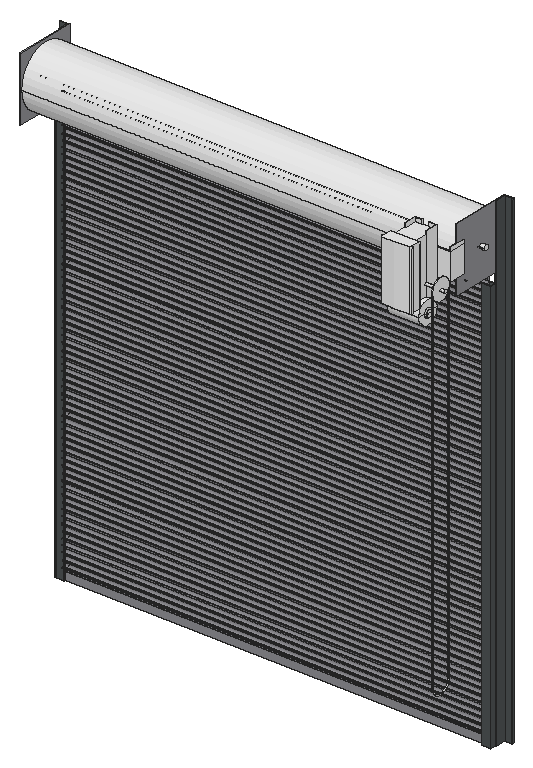
Revit family "Fire-Rated-Service-Doors_OHD_Model-630_compact", category Specialty Equipment, host Wall, Revit 2023 (continued)
Definition of nested family "Lifts"
  Dimensions and locks (in)
    plane 13 to plane 11 = 9 1/16"
    plane 7 to plane 13 = 9 1/16"
    "Shaft Offset": plane 22 to plane 8
    "Half Octagon Side": Extrusion 11 sketch curve to plane 13
    "Half Octagon Side": plane 13 to Extrusion 11 sketch curve
    "Half Octagon Side": plane 22 to Extrusion 11 sketch curve  (x2)
    equal spacing: plane 9 "Real Opening 2", plane 3 "Center (Left/Right)", plane 10 "Real Opening 1"
    "True Width": plane 9 "Real Opening 2" to plane 10 "Real Opening 1"
    locked: plane 23 to plane 7 at 1.5
    radius of Extrusion 6 sketch curve = 3/16"  (x4)
    radius of Extrusion 7 sketch curve = 0.188"  (x4)
    locked: Extrusion 8 sketch curve to Extrusion 8 sketch curve (radius 0.187")  (x4)
    "Radius Hood": radius of Extrusion 10 sketch curve
    aligned and locked: plane 2 to level
    aligned and locked: plane 5 to Extrusion 3
    aligned and locked: Extrusion 3 to plane 6
    aligned and locked: Extrusion 4 sketch curve to plane 7
    aligned and locked: Extrusion 4 sketch curve to plane 8
    aligned and locked: Extrusion 5 sketch curve to plane 7
    aligned and locked: plane 13 to Extrusion 3 sketch curve
    aligned and locked: plane 5 to Masking region 1 sketch curve
    aligned and locked: plane 6 to Masking region 1 sketch curve
    aligned and locked: Masking region 1 sketch curve to Masking region 1 sketch curve  (x2)
    aligned and locked: plane 12 "Main" to Extrusion 6 sketch curve  (x2)
    aligned and locked: Extrusion 6 sketch curve to plane 15
    aligned and locked: plane 16 to Extrusion 6 sketch curve
    aligned and locked: Extrusion 7 sketch curve to plane 1 "Center (Front/Back)"  (x2)
    aligned and locked: Extrusion 8 sketch curve to Extrusion 8 sketch curve  (x4)
    aligned and locked: plane 19 to Extrusion 8 sketch curve
    aligned and locked: Extrusion 8 sketch curve to plane 19
    aligned and locked: plane 4 "Opening Height" to Extrusion 8
    aligned and locked: Extrusion 5 sketch curve to plane 12 "Main"
    aligned and locked: plane 12 "Main" to Extrusion 4 sketch curve
    aligned and locked: Extrusion 9 sketch curve to plane 11  (x2)
    aligned and locked: Extrusion 9 sketch curve to plane 7  (x2)
    aligned and locked: plane 17 to Extrusion 9 sketch curve
    aligned and locked: Extrusion 9 sketch curve to plane 18
    aligned and locked: Masking region 2 sketch curve to Extrusion 4
    aligned and locked: Masking region 2 to curve 2  (x2)
    aligned and locked: Masking region 2 to curve 1  (x2)
    aligned and locked: Masking region 3 sketch curve to Extrusion 7  (x10)
    aligned and locked: Extrusion 7 to Masking region 3 sketch curve
    aligned and locked: Masking region 4 sketch curve to Extrusion 6  (x10)
    aligned and locked: Extrusion 2 to Extrusion 1
    aligned and locked: Extrusion 1 to Extrusion 2
    aligned and locked: curve 1 to Extrusion 9
    aligned and locked: Extrusion 9 to curve 2
    aligned and locked: Masking region 2 to plane 17
    aligned and locked: Masking region 2 to plane 18
    aligned and locked: plane 18 to Masking region 1 sketch curve
    aligned and locked: Masking region 1 sketch curve to plane 17
    aligned and locked: plane 20 to Extrusion 9 sketch curve
    aligned and locked: plane 21 to Extrusion 9 sketch curve
    aligned and locked: plane 20 to Extrusion 4
    aligned and locked: plane 20 to Extrusion 5
    aligned and locked: Extrusion 4 to plane 21
    aligned and locked: Extrusion 5 to plane 21
    aligned and locked: plane 13 to Extrusion 10 sketch curve
    aligned and locked: Extrusion 11 sketch curve to plane 12 "Main"
    aligned and locked: Extrusion 11 sketch curve to plane 7
    aligned and locked: Extrusion 11 sketch curve to plane 11
    aligned and locked: Extrusion 11 sketch curve to plane 8
    aligned and locked: Extrusion 11 to plane 20
    aligned and locked: Extrusion 11 to plane 21
    aligned and locked: plane 20 to Extrusion 10
    aligned and locked: Extrusion 10 to plane 21
    aligned and locked: plane 8 to Extrusion 9
    aligned and locked: Extrusion 11 to curve 3
    aligned and locked: plane 20 to curve 3
    aligned and locked: plane 21 to curve 3
    aligned and locked: Extrusion 7 to plane 7
    aligned and locked: plane 7 to Extrusion 6
    aligned and locked: Extrusion 4 sketch curve to plane 11
    aligned and locked: Extrusion 5 sketch curve to plane 11
  Automatic sketch dimensions
    Extrusion 2 sketch curve to level = 0"
    Extrusion 1 sketch curve to Extrusion 1 sketch curve = 3/8"
    plane 17 to Masking region 2 sketch curve = 0"
    Masking region 2 sketch curve to plane 18 = 0"
    Masking region 2 sketch curve to plane 1 "Center (Front/Back)" = 0"
    radius of Extrusion 3 sketch curve = 0.6"
Definition of nested family "Motor"
  Parameters (values of type "Trolley Motor")
    Wall Mount RSX = if(Chain Hoist, 1 = 2, if(Motor Option = 3, 1 = 1, 1 = 2))  # no
    Top Mount RSX = if(Chain Hoist, 1 = 2, if(Motor Option = 2, 1 = 1, 1 = 2))  # no
    Shaft Material = none
    Real Exterior Wall Offset = if(Wall Mount RSX, Displacement, Exterior Wall Offset + if(and(BJ, Bench Mount RSX, Hood Width < 19 1/2"), 2.6", 0"))  # 6"
    Not Chain Hoist = not(Chain Hoist)  # yes
    Not Bench + Top = not(or(Top Mount RSX, Chain Hoist, Bench Mount RSX))  # yes
    Horizontal Mount = if(Face Mount RSX, 5.08" + 0.12" + 2.38", if(Top Mount RSX, 11.19", if(Wall Mount RSX, 5.08", if(Bench Mount RSX, 4.77" + if(or(Hood Width < 14", Hood Width = 14"), 6.13", if(or(Hood Width < 16", Hood Width = 16"), 4.13", 3 1/4")), 0"))))  # 7.58"
    Not Fire King = if(Chain Hoist, 1 = 2, not(Chain Hoist))  # yes
    Vertical Mount = if(Face Mount RSX, 11.07" + Hood Height / 2, if(Top Mount RSX, 14.92" - 0.13" - 2.38", if(Wall Mount RSX, 20.03" + 6" + Hood Height / 2, if(Bench Mount RSX, 20" + 2.29" + Hood Height / 2, Hood Height))))  # 20.3825"
    Motor Type = if(Motor Option < 2, "RSX FDO Face Mount", if(Motor Option = 2, "RSX FDO Top Mount", if(Motor Option = 3, "RSX Wall Mount", if(Motor Option = 4, "RSX Bench Mount", "Chain Hoist"))))  # "RSX FDO Face Mount"
    Motor Option = 1
    Main Material = none
    Hood Width Real = if(Wall Mount RSX, 0", if(Chain Hoist, if(Hood Height < Hood Width, (Hood Width + (Hood Width - Hood Height)) / 2, Hood Width / 2), Hood Width))  # 17 1/2"
    Hood Width = 17 1/2"
    Hood Height = 18 5/8"
    Hood Mount = if(or(Face Mount RSX, Top Mount RSX), 0.37", if(Wall Mount RSX, if(BJ, 12.24" + BJ Displacement, 14.74"), if(Bench Mount RSX, 14.49", 4.26")))  # 0.37"
    Floor To Cl Shaft = 132 5/16"
    Fire King RHX = 1 = 2  # no
    Top Option Offset = if(or(Top Mount RSX, Bench Mount RSX), 20", 0")  # 0"
    Face+Top = if(Chain Hoist, 1 = 2, if(or(Face Mount RSX, Top Mount RSX), 1 = 1, 1 = 2))  # yes
    Face Mount RSX = if(Chain Hoist, 1 = 2, if(Motor Option < 2, 1 = 1, 1 = 2))  # yes
    Top + Bench = if(Chain Hoist, 1 = 2, if(or(Top Mount RSX, Bench Mount RSX), 1 = 1, 1 = 2))  # no
    Face + Top + Bench = if(Chain Hoist, 1 = 2, if(or(Face Mount RSX, Top Mount RSX, Bench Mount RSX), 1 = 1, 1 = 2))  # yes
    Exterior Wall Offset = 6"
    Displacement = 6"
    Default Elevation = 48"
    Chain V Offset = if(or(Face Mount RSX, Wall Mount RSX), 6.53", if(or(Top Mount RSX, Bench Mount RSX), 18.81", Hood Height / 2))  # 6.53"
    Chain H Offset = if(or(Face Mount RSX, Wall Mount RSX), 1.19", if(or(Top Mount RSX, Bench Mount RSX), 6.53", 0"))  # 1.19"
    Chain Hoist = no
    Bench Mount RSX = if(Chain Hoist, 1 = 2, if(Motor Option > 3, 1 = 1, 1 = 2))  # no
    BJ Displacement = 0"
    BJ = no
    Angle = if(or(Bench Mount RSX, Top Mount RSX), 90.00°, 180.00°)  # 180.00°
  Reference planes (in)
    plane 1 "Center (Front/Back)": y = 0
    plane 2: z = 0
    plane 3 "Center (Left/Right)": x = 0
    plane 4: y = 0
    plane 5: y = 1.19
    plane 6: z = -125.7825
    plane 7: z = -95.7825
    plane 8: z = 6.53
    plane 9 "Chain Hoist": z = 6.53
    plane 10 "Top Of Hood": z = 20.3825
    plane 11: y = 7.58
    plane 12: z = 0
    plane 13 "Hood Face": x = 6.8795
    plane 14: x = 7.2495
    plane 15: y = 25.08
    plane 16 "Wall": y = 31.08
  Forms (in)
    Extrusion 1, solid, material <- "Main Material", visible <- "Not Chain Hoist"
      sketch origin (0, 0, 18.8898) x (1, 0, 0) y (0, 1, 0)
        loop
          line (-4.134, -2.41307) -> (4.116, -2.41307) -> (4.116, -2.29347) -> (3.108, -2.29347)
          arc (3.108, -2.29347) -> (3.02315, -2.25832) -> (2.988, -2.17347) r 0.12
          line (2.988, -2.17347) -> (2.988, 4.96193) -> (-2.988, 4.96193) -> (-2.988, -2.17347)
          arc (-2.988, -2.17347) -> (-3.02315, -2.25832) -> (-3.108, -2.29347) r 0.12
          line (-3.108, -2.29347) -> (-4.134, -2.29347) -> (-4.134, -2.41307)
      from -16.64 to 0
    Extrusion 2, solid, material <- "Main Material", visible <- "Not Chain Hoist"
      sketch origin (0, 0, 18.8898) x (1, 0, 0) y (0, 1, 0)
        loop
          line (-4.134, -2.41307) -> (-4.134, -5.05565) -> (-4.3324, -5.05565) -> (-4.3324, -5.3122)
          arc (-4.3324, -5.3122) -> (-4.24466, -5.55085) -> (-4.02324, -5.67585) r 0.36846
          arc (-4.02324, -5.67585) -> (0, -6.0017) -> (4.02324, -5.67585) r 25
          arc (4.02324, -5.67585) -> (4.24466, -5.55085) -> (4.3324, -5.3122) r 0.36846
          line (4.3324, -5.3122) -> (4.3324, -5.05565) -> (4.116, -5.05565) -> (4.116, -2.41307) -> (-4.134, -2.41307)
      from -17 to 0.35839
    Revolve 3, solid, material <- "Main Material", visible <- "Not Fire King"
      sketch origin (2.0828, 5.66524, 0) x (0, -1, 0) y (1, 0, 0)
        loop
          line (5.66524, -9.0813) -> (5.66524, 3.1162) -> (4.82413, 3.1162) -> (4.82413, 2.7162) -> (4.39283, 2.7162) -> (4.39283, 2.4872) -> (2.44007, 2.4872) -> (2.44007, -6.6585) -> (3.79863, -6.6585) -> (3.79863, -7.51105) -> (3.89778, -7.6102) -> (5.36033, -7.6102) -> (5.36033, -7.8313) -> (4.69783, -7.8313) -> (4.69783, -9.0813) -> (5.66524, -9.0813)
        axis (5.66524, -9.0813) -> (5.66524, 3.1162)
      angle from 0 to 360
    Extrusion 4, solid, material <- "Main Material", visible <- "Wall Mount RSX"
      sketch origin (0, 0, 18.8898) x (1, 0, 0) y (0, 1, 0)
        loop
          line (-2.988, 5.08193) -> (-4.988, 5.08193) -> (-4.988, 4.96193) -> (-3.108, 4.96193) -> (-3.108, 1.46193) -> (-2.988, 1.46193) -> (-2.988, 5.08193)
        loop
          line (2.988, 5.08193) -> (2.988, 1.46193) -> (3.108, 1.46193) -> (3.108, 4.96193) -> (4.988, 4.96193) -> (4.988, 5.08193) -> (2.988, 5.08193)
      from -16.64 to 1.14
    Extrusion 5, solid, material <- "Main Material"
      sketch origin (0, 0.00141, 3.59957) x (0, 0, 1) y (0, -1, 0)
        loop
          circle (2.93043, -1.18859) r 3
      from 7.52 to 7.2495
    Sweep 6, solid, material <- "Main Material"
      path origin (7.38475, 9.53, 48) x (0, 1, 0) y (0, 0, 1)
        loop
          line (-11.34, -41.47) -> (-11.34, -143.7825)
          arc (-11.34, -143.7825) -> (-8.34, -146.7825) -> (-5.34, -143.7825) r 3
          line (-5.34, -143.7825) -> (-5.34, -41.47)
      profile origin (7.38475, -1.81, -44.62625) x (1, 0, 0) y (0, 1, 0)
        loop
          circle (0, 0.1) r 0.1
    Extrusion 7, solid, material <- "Main Material"
      sketch origin (0, 0.00141, 3.59957) x (0, 0, 1) y (0, -1, 0)
        loop
          circle (2.93043, -1.18859) r 0.4
      from 8.82 to 0
    Extrusion 8, solid, material <- "Main Material", visible <- "Face+Top"
      sketch origin (0, 0, 18.8898) x (1, 0, 0) y (0, 1, 0)
        loop
          line (7.2495, 5.08193) -> (7.2495, 9.82193) -> (7.1295, 9.82193) -> (7.1295, 5.20193) -> (-2.988, 5.20193) -> (-2.988, 5.08193) -> (7.2495, 5.08193)
      from -12.32 to -4.32
    Extrusion 9, solid, material <- "Main Material", visible <- "Face + Top + Bench"
      sketch origin (0.25, 0, 18.8898) x (1, 0, 0) y (0, 1, 0)
        loop
          line (-3.358, 5.08193) -> (-3.358, 1.46193) -> (-3.238, 1.46193) -> (-3.238, 4.96193) -> (-1.238, 4.96193) -> (-1.238, 5.08193) -> (-3.358, 5.08193)
        loop
          line (2.858, 5.08193) -> (0.738, 5.08193) -> (0.738, 4.96193) -> (2.738, 4.96193) -> (2.738, 1.46193) -> (2.858, 1.46193) -> (2.858, 5.08193)
      from -16.64 to 1.14
    Extrusion 10, solid, material <- "Main Material", visible <- "Face+Top"
      sketch origin (0, 0, 0) x (0, 0, 1) y (0, -1, 0)
        loop
          line (15.5698, -5.33193) -> (6.5698, -5.33193) -> (6.5698, -9.82193) -> (15.5698, -9.82193) -> (15.5698, -5.33193)
      from 6.8795 to 7.1295
    Extrusion 11, solid, material <- "Main Material", visible <- "Bench Mount RSX"
      sketch origin (0, 0, 18.8898) x (1, 0, 0) y (0, 1, 0)
        loop
          line (-6.9985, 5.08193) -> (3.108, 5.08193) -> (3.108, 5.20193) -> (-7.1205, 5.20193) -> (-7.1205, 1.33693) -> (-6.9985, 1.33693) -> (-6.9985, 5.08193)
      from -10.78 to -1.46
    Extrusion 12, solid, material <- "Main Material", visible <- "Bench Mount RSX"
      sketch origin (0, 0, 0) x (0, 0, 1) y (0, -1, 0)
        loop
          line (8.2698, -1.46193) -> (8.2698, -4.96193) -> (17.2698, -4.96193) -> (17.2698, -1.46193) -> (8.2698, -1.46193)
      from -7.24 to -7.1205
  Lines and regions (in)
    reference lines
      curve 1: line (0, 0, 0) -> (0, 0, 18.8898)
  Dimensions and locks (in)
    Extrusion 4 sketch curve to Extrusion 4 sketch curve = 3.62"
    locked: Extrusion 4 sketch curve to Extrusion 4 sketch curve at 0.12  (x3)
    "Chain H Offset": plane 4 to plane 5
    locked: plane 7 to plane 6 at 30
    locked: Sweep 6 sketch curve to profile plane at 0
    locked: profile plane to Sweep 6 sketch curve at 0.1
    locked: Sweep 6 sketch curve to Sweep 6 sketch curve at 6
    "Floor To Cl Shaft": plane 8 to plane 6
    "Horizontal Mount": plane 1 "Center (Front/Back)" to plane 11
    Extrusion 9 sketch curve to Extrusion 9 sketch curve = 3.62"
    locked: Extrusion 9 sketch curve to Extrusion 9 sketch curve at 0.12  (x3)
    "Top Option Offset": level to plane 12
    "Chain V Offset": plane 9 "Chain Hoist" to plane 12
    equal spacing: Sweep 6 sketch curve, plane 5, Sweep 6 sketch curve
    "Vertical Mount": plane 10 "Top Of Hood" to plane 12
    locked: Extrusion 2 sketch curve to Extrusion 2 sketch curve at 8.25
    locked: Extrusion 2 sketch curve to Extrusion 2 sketch curve at 2.64258
    locked: plane 3 "Center (Left/Right)" to plane 14 at 7.2495
    "Hood Mount": plane 13 "Hood Face" to plane 14
    locked: Extrusion 8 sketch curve to Extrusion 8 sketch curve at 0.12  (x2)
    locked: Extrusion 8 sketch curve to curve 1 at 5.08193
    "Hood Width Real": plane 11 to plane 15
    "Real Exterior Wall Offset": plane 15 to plane 16 "Wall"
    locked: Extrusion 8 sketch curve to Extrusion 8 sketch curve at 4.62
    Revolve 3 sketch curve to Revolve 3 sketch curve to Revolve 3 sketch curve to Revolve 3 sketch curve to Revolve 3 sketch curve to Revolve 3 sketch curve to Revolve 3 sketch curve = 1 1/4" locked, 0.2211" locked, 0.9517" locked, 9.1457" locked, 0.229" locked, 0.4" locked
    Revolve 3 sketch curve to Revolve 3 sketch curve to Revolve 3 sketch curve to Revolve 3 sketch curve to Revolve 3 sketch curve to Revolve 3 sketch curve to Revolve 3 sketch curve to Revolve 3 sketch curve = 0.30491" locked, 0.53619" locked, 0.12631" locked, 0.305" locked, 0.49505" locked, 0.09915" locked, 1.35856" locked
    locked: Extrusion 1 sketch curve to Extrusion 1 sketch curve at 0.1196
    locked: Extrusion 1 sketch curve to Extrusion 1 sketch curve at 5.976
    equal spacing: Extrusion 1 sketch curve, curve 1, Extrusion 1 sketch curve
    locked: curve 1 to Extrusion 1 sketch curve at 2.41307
    locked: Extrusion 1 sketch curve to Extrusion 1 sketch curve at 7.375
    locked: Extrusion 9 sketch curve to curve 1 at 1.46193
    equal spacing: Extrusion 4 sketch curve, curve 1, Extrusion 4 sketch curve
    locked: Extrusion 4 sketch curve to curve 1 at 1.46193
    locked: Extrusion 10 sketch curve to Extrusion 10 sketch curve at 4.49
    locked: Extrusion 10 sketch curve to Extrusion 10 sketch curve at 9
    locked: Extrusion 10 sketch curve to curve 1 at 9.82193
    locked: Extrusion 10 sketch curve to curve 1 at 6.5698
    locked: Revolve 3 sketch curve to plane 3 "Center (Left/Right)" at 4.5757
    locked: Extrusion 4 sketch curve to Extrusion 4 sketch curve at 5.976
    locked: Extrusion 9 sketch curve to plane 3 "Center (Left/Right)" at 2.988
    locked: plane 3 "Center (Left/Right)" to Extrusion 9 sketch curve at 3.108
    locked: Extrusion 4 sketch curve to Extrusion 4 sketch curve at 2
    locked: Extrusion 4 sketch curve to Extrusion 4 sketch curve at 1.88
    locked: Extrusion 8 sketch curve to Extrusion 8 sketch curve at 10.2375
    locked: curve 1 to Extrusion 8 sketch curve at 7.2495
    locked: Extrusion 1 sketch curve to Extrusion 1 sketch curve at 1.128
    locked: Extrusion 1 sketch curve to Extrusion 1 sketch curve at 1.146
    locked: curve 1 to Extrusion 2 sketch curve at 2.41307
    locked: Extrusion 11 sketch curve to Extrusion 11 sketch curve at 0.122
    locked: Extrusion 11 sketch curve to Extrusion 11 sketch curve at 0.12
    locked: Extrusion 11 sketch curve to curve 1 at 6.9985
    locked: Extrusion 11 sketch curve to curve 1 at 5.08193
    locked: Extrusion 11 sketch curve to Extrusion 11 sketch curve at 10.1065
    locked: Extrusion 11 sketch curve to Extrusion 11 sketch curve at 3.865
    locked: Extrusion 12 sketch curve to Extrusion 12 sketch curve at 3.5
    locked: curve 1 to Extrusion 12 sketch curve at 1.46193
    locked: Extrusion 12 sketch curve to Extrusion 12 sketch curve at 9
    locked: Extrusion 12 sketch curve to curve 1 at 10.62
    radius of Extrusion 5 sketch curve = 3"
    radius of Sweep 6 sketch curve = 3"
    radius of Sweep 6 sketch curve = 0.1"
    radius of Extrusion 7 sketch curve = 0.4"
    radius of Extrusion 2 sketch curve = 0.36846"  (x2)
    radius of Extrusion 1 sketch curve = 0.12"  (x2)
    radius of Extrusion 2 sketch curve = 25"
    "Angle": angle curve 1 to plane 1 "Center (Front/Back)"
    angle Extrusion 2 sketch curve to Extrusion 2 sketch curve = 90.00°
    locked: Extrusion 2 sketch curve to Extrusion 2 sketch curve (angle 90.00°)
    aligned and locked: plane 2 to level
    aligned and locked: Revolve 3 sketch curve to Revolve 3 sketch curve
    aligned and locked: plane 1 "Center (Front/Back)" to curve 1
    aligned and locked: level to curve 1
    aligned and locked: plane 1 "Center (Front/Back)" to plane 4
    aligned and locked: Extrusion 4 sketch curve to Extrusion 4 sketch curve  (x3)
    aligned and locked: plane 7 to Sweep 6 sketch curve  (x2)
    aligned and locked: plane 8 to Sweep 6 sketch curve  (x2)
    aligned and locked: plane 5 to Extrusion 5 sketch curve
    aligned and locked: plane 9 "Chain Hoist" to Extrusion 5 sketch curve
    aligned and locked: plane 5 to Extrusion 7 sketch curve
    aligned and locked: plane 9 "Chain Hoist" to Extrusion 7 sketch curve
    aligned and locked: plane 8 to plane 9 "Chain Hoist"
    aligned and locked: Extrusion 9 sketch curve to Extrusion 9 sketch curve  (x3)
    aligned and locked: Extrusion 2 sketch curve to Extrusion 2 sketch curve
    aligned and locked: Extrusion 1 sketch curve to Extrusion 1 sketch curve
    aligned and locked: plane 4 to nested 1
    aligned and locked: plane 3 "Center (Left/Right)" to nested 1
  Automatic sketch dimensions
    plane 1 "Center (Front/Back)" to Revolve 3 sketch curve = 0"
    Revolve 3 sketch curve to Revolve 3 sketch curve = 0.09915"
    Revolve 3 sketch curve to Revolve 3 sketch curve = 4.7892"
    Revolve 3 sketch curve to plane 14 = 1.9628"
    Extrusion 9 sketch curve to plane 3 "Center (Left/Right)" = 0.988"
    plane 3 "Center (Left/Right)" to Extrusion 9 sketch curve = 0.988"
    Extrusion 2 sketch curve to plane 3 "Center (Left/Right)" = 0"
    Extrusion 2 sketch curve to Extrusion 2 sketch curve = 0.1984"
    Extrusion 2 sketch curve to Extrusion 2 sketch curve = 0.15206"
    Extrusion 2 sketch curve to Extrusion 2 sketch curve = 0.25654"
    Extrusion 2 sketch curve to Extrusion 2 sketch curve = 0"  (x2)
    Extrusion 2 sketch curve to Extrusion 2 sketch curve = 0.0593"
  Nested families (in)
    nested 1: "2D_NotScalableMain_29e791da-3db9-4234-ab15-44456784202b" at (0, 0, 0), type "Default"
      with Not Top + Bench yes, Face Mount yes, Chain Hoist no
  Definition of nested family "2D_NotScalableMain_29e791da-3db9-4234-ab15-44456784202b"
    Parameters (values of type "Default")
      Wall Mount = no
      Top Mount = no
      Not Top + Bench = no
      Fire King Face Mount = no
      Face Mount = no
      Top + Bench = no
      Chain Hoist = yes
      Bench Mount = no
    Reference planes (in)
      plane 1 "Center (Front/Back)": y = 0
      plane 2: z = 0
      plane 3 "Center (Left/Right)": x = 0
    Lines and regions (in)
      Masking region 1, in view "Ref. Level", visible <- "Not Top + Bench"
        outline origin (0, 0, 0) x (1, 0, 0) y (0, 1, 0)
          loop
            line (-6.9985, -0.96741) -> (-5.7485, -0.96741) -> (-5.7485, -0.30491) -> (-5.5274, -0.30491) -> (-5.5274, -1.76746) -> (-5.42825, -1.86661) -> (-4.5757, -1.86661) -> (-4.5757, -3.22517) -> (-4.134, -3.22517) -> (-4.134, -5.05565) -> (-4.3324, -5.05565) -> (-4.3324, -5.3122)
            arc (-4.3324, -5.3122) -> (-4.24466, -5.55085) -> (-4.02324, -5.67585) r 0.36846
            arc (-4.02324, -5.67585) -> (0, -6.0017) -> (4.02324, -5.67585) r 25
            arc (4.02324, -5.67585) -> (4.24466, -5.55085) -> (4.3324, -5.3122) r 0.36846
            line (4.3324, -5.3122) -> (4.3324, -5.05565) -> (4.116, -5.05565) -> (4.116, -3.22517) -> (4.57, -3.22517) -> (4.57, -1.27241) -> (4.799, -1.27241) -> (4.799, -0.84111) -> (5.199, -0.84111) -> (5.199, 0.79) -> (7.2495, 0.79) -> (7.2495, -1.81) -> (7.52, -1.81) -> (7.52, 0.79) -> (8.82, 0.79) -> (8.82, 1.59) -> (7.52, 1.59) -> (7.52, 4.19) -> (7.2495, 4.19) -> (7.2495, 1.59) -> (4.57, 1.59) -> (4.57, 3.22517) -> (2.988, 3.22517) -> (2.988, 4.96193) -> (-2.988, 4.96193) -> (-2.988, 3.22517) -> (-4.5757, 3.22517) -> (-4.5757, 1.86661) -> (-5.42825, 1.86661) -> (-5.5274, 1.76746) -> (-5.5274, 0.30491) -> (-5.7485, 0.30491) -> (-5.7485, 0.96741) -> (-6.9985, 0.96741) -> (-6.9985, -0.96741)
      Masking region 2, in view "Ref. Level", visible <- "Fire King Face Mount"
        outline origin (0, 0, 0) x (1, 0, 0) y (0, 1, 0)
          loop
            circle (0, 1.59) r 2.87397
          loop
            line (-2.988, 7.80693) -> (-2.988, 4.96193) -> (2.988, 4.96193) -> (2.988, 7.80693) -> (0.82, 7.80693) -> (0.82, 16.89193) -> (0.57, 16.89193) -> (0.57, 7.80693) -> (-2.988, 7.80693)
      Masking region 3, in view "Ref. Level", visible <- "Face Mount"
        outline origin (0, 0, 0) x (1, 0, 0) y (0, 1, 0)
          loop
            line (-3.108, 1.46193) -> (-2.988, 1.46193) -> (-2.988, 4.96193) -> (2.988, 4.96193) -> (2.988, 1.46193) -> (3.108, 1.46193) -> (3.108, 5.08193) -> (7.2495, 5.08193) -> (7.2495, 9.82193) -> (6.8795, 9.82193) -> (6.8795, 5.33193) -> (7.1295, 5.33193) -> (7.1295, 5.20193) -> (-2.988, 5.20193) -> (-2.988, 5.08193) -> (-3.108, 5.08193) -> (-3.108, 1.46193)
      Masking region 4, in view "Ref. Level", visible <- "Top + Bench"
        outline origin (0, 0, 0) x (1, 0, 0) y (0, 1, 0)
          loop
            line (-6.9985, -0.96741) -> (-5.7485, -0.96741) -> (-5.7485, -0.30491) -> (-5.5274, -0.30491) -> (-5.5274, -1.76746) -> (-5.42825, -1.86661) -> (-4.5757, -1.86661) -> (-4.5757, -3.22517) -> (4.57, -3.22517) -> (4.57, -1.27241) -> (4.799, -1.27241) -> (4.799, -0.84111) -> (5.199, -0.84111) -> (5.199, 0.84111) -> (4.799, 0.84111) -> (4.799, 1.27241) -> (4.57, 1.27241) -> (4.57, 3.22034) -> (4.3324, 3.22034) -> (4.3324, 6.13) -> (7.2495, 6.13) -> (7.2495, 3.53) -> (7.52, 3.53) -> (7.52, 6.13) -> (8.82, 6.13) -> (8.82, 6.93) -> (7.52, 6.93) -> (7.52, 9.53) -> (7.2495, 9.53) -> (7.2495, 6.93) -> (4.3324, 6.93) -> (4.3324, 19.24819) -> (3.108, 19.24819) -> (3.108, 20.0298) -> (0.988, 20.0298) -> (0.988, 19.24819) -> (-0.988, 19.24819) -> (-0.988, 20.0298) -> (-3.108, 20.0298) -> (-3.108, 19.24819) -> (-4.3324, 19.24819) -> (-4.3324, 3.22517) -> (-4.5757, 3.22517) -> (-4.5757, 1.86661) -> (-5.42825, 1.86661) -> (-5.5274, 1.76746) -> (-5.5274, 0.30491) -> (-5.7485, 0.30491) -> (-5.7485, 0.96741) -> (-6.9985, 0.96741) -> (-6.9985, -0.96741)
      Masking region 5, in view "Ref. Level", visible <- "Top Mount"
        outline origin (0, 0, 0) x (1, 0, 0) y (0, 1, 0)
          loop
            line (4.3324, 14.55771) -> (4.3324, 6.93) -> (7.2495, 6.93) -> (7.2495, 14.55771) -> (7.1295, 14.55771) -> (7.1295, 15.55771) -> (6.8795, 15.55771) -> (6.8795, 14.55771) -> (4.3324, 14.55771)
      Masking region 6, in view "Ref. Level", visible <- "Wall Mount"
        outline origin (0, 0, 0) x (1, 0, 0) y (0, 1, 0)
          loop
            line (-4.988, 4.96193) -> (-3.108, 4.96193) -> (-3.108, 1.46193) -> (-2.988, 1.46193) -> (-2.988, 5.08193) -> (-4.988, 5.08193) -> (-4.988, 4.96193)
          loop
            line (2.988, 1.46193) -> (3.108, 1.46193) -> (3.108, 4.96193) -> (4.988, 4.96193) -> (4.988, 5.08193) -> (2.988, 5.08193) -> (2.988, 1.46193)
      Masking region 7, in view "Ref. Level", visible <- "Bench Mount"
        outline origin (0, 0, 0) x (1, 0, 0) y (0, 1, 0)
          loop
            line (-7.24, 9.2698) -> (-7.1205, 9.2698) -> (-7.1205, 9.1098) -> (-4.3324, 9.1098) -> (-4.3324, 17.4298) -> (-7.1205, 17.4298) -> (-7.1205, 17.2698) -> (-7.24, 17.2698) -> (-7.24, 9.2698)
      Masking region 8, in view "Ref. Level", visible <- "Chain Hoist"
        outline origin (0, -6.98957, 0) x (1, 0, 0) y (0, 1, 0)
          loop
            line (4.7396, 6.58957) -> (7.2495, 6.58957) -> (7.2495, 3.98957) -> (7.52, 3.98957) -> (7.52, 6.58957) -> (8.82, 6.58957) -> (8.82, 7.38957) -> (7.52, 7.38957) -> (7.52, 9.98957) -> (7.2495, 9.98957) -> (7.2495, 7.38957) -> (4.7396, 7.38957) -> (4.7396, 6.58957)
      reference lines, in view "Ref. Level"
        curve 1: line (0, 0, 0) -> (0, 0.125, 0)
        curve 2: line (0, 0, 0) -> (0.125, 0, 0)
      detail lines, in view "Ref. Level", visible <- "Not Top + Bench"
        curve 3: line (7.2495, 4.19, 0) -> (7.2495, -1.81, 0)
        curve 4: line (7.52, 4.19, 0) -> (7.52, -1.81, 0)
        curve 5: line (-4.134, -2.29347, 0) -> (-4.134, -5.05565, 0)
        curve 6: line (4.116, -2.29347, 0) -> (4.116, -5.05565, 0)
        curve 7: line (-4.134, -2.41307, 0) -> (4.116, -2.41307, 0)
        curve 8: line (4.116, -2.29347, 0) -> (3.108, -2.29347, 0)
        curve 9: line (2.988, -2.17347, 0) -> (2.988, 4.96193, 0)
        curve 10: line (2.988, 4.96193, 0) -> (-2.988, 4.96193, 0)
        curve 11: line (-2.988, 4.96193, 0) -> (-2.988, -2.17347, 0)
        curve 12: arc (-2.988, -2.17347, 0) -> (-3.02315, -2.25832, 0) -> (-3.108, -2.29347, 0) r 0.12
        curve 13: arc (3.108, -2.29347, 0) -> (3.02315, -2.25832, 0) -> (2.988, -2.17347, 0) r 0.12
        curve 14: line (4.57, -3.22517, 0) -> (4.57, 0.77483, 0)
        curve 15: line (4.799, -1.27241, 0) -> (4.799, 0.77483, 0)
        curve 16: line (5.199, -0.84111, 0) -> (5.199, 0.77483, 0)
        curve 17: line (-4.5757, -3.22517, 0) -> (-4.5757, 3.22517, 0)
        curve 18: line (-5.42825, -1.86661, 0) -> (-5.42825, 1.86661, 0)
        curve 19: line (-5.5274, 1.76746, 0) -> (-5.5274, -1.76746, 0)
        curve 20: line (-5.7485, -0.96741, 0) -> (-5.7485, 0.96741, 0)
        curve 25: line (-4.116, -2.29347, 0) -> (-3.108, -2.29347, 0)
        curve 26: line (5.199, 0.77483, 0) -> (2.988, 0.77483, 0)
        curve 27: line (4.57, 1.59, 0) -> (3.108, 1.59, 0)
      detail lines, in view "Ref. Level", visible <- "Fire King Face Mount"
        curve 21: circle (0, 1.59, 0) r 1.29967 normal (0, 0, 1)
        curve 22: circle (0, 1.59, 0) r 0.87193 normal (0, 0, 1)
        curve 23: line (-2.988, 7.80693, 0) -> (2.988, 7.80693, 0)
        curve 24: line (-2.988, 7.685, 0) -> (2.988, 7.685, 0)
      detail lines, in view "Ref. Level", visible <- "Top + Bench"
        curve 28: line (-4.5757, -3.22517, 0) -> (-4.5757, 3.22517, 0)
        curve 29: line (-5.42825, 1.86661, 0) -> (-5.42825, -1.86661, 0)
        curve 30: line (-5.5274, 1.76746, 0) -> (-5.5274, -1.76746, 0)
        curve 31: line (-5.7485, -0.96741, 0) -> (-5.7485, 0.96741, 0)
        curve 32: line (-4.3324, 1.8898, 0) -> (-4.3324, 19.24819, 0)
        curve 33: line (-4.3324, 1.8898, 0) -> (4.3324, 1.8898, 0)
        curve 34: line (4.3324, 1.8898, 0) -> (4.3324, 19.24819, 0)
        curve 35: line (4.57, 3.22517, 0) -> (4.57, -3.22517, 0)
        curve 36: line (4.799, 1.27241, 0) -> (4.799, -1.22759, 0)
        curve 41: line (2.988, 20.0298, 0) -> (2.988, 19.24819, 0)
        curve 42: line (-2.988, 20.0298, 0) -> (-2.988, 19.24819, 0)
        curve 43: line (-3.108, 19.24819, 0) -> (-0.988, 19.24819, 0)
        curve 44: line (0.988, 19.24819, 0) -> (3.108, 19.24819, 0)
      detail lines, in view "Ref. Level", visible <- "Chain Hoist"
        curve 37: line (7.2495, 3, 0) -> (7.2495, -3, 0)
        curve 38: line (7.52, -3, 0) -> (7.52, 3, 0)
      detail lines, in view "Ref. Level", visible <- "Bench Mount"
        curve 39: line (-7.1205, 17.4298, 0) -> (-7.1205, 9.1098, 0)
        curve 40: line (-6.9985, 17.4298, 0) -> (-6.9985, 9.1098, 0)
    Dimensions and locks (in)
      curve 1 to curve 1 = 1/8"
      curve 2 to curve 2 = 1/8"
      aligned and locked: plane 1 "Center (Front/Back)" to curve 1
      aligned and locked: plane 3 "Center (Left/Right)" to curve 1
      aligned and locked: plane 1 "Center (Front/Back)" to curve 2
Definition of nested family "Label Annotation 1"
  Parameters (values of type "Label Annotation 1-8")
    Label = "Area is too big. Please reduce Door Size."
  Reference planes (in)
    plane 1: y = 0
    plane 2: x = 0
  Text (in)
    label "Label" at (0.00375, -0.00345, 0), shows "Label"
Definition of nested family "Warning Sign"
  Parameters (values of type "Warning Sign")
    Warning Sign [instance] = no
    Default Elevation = 48"
  Reference planes (in)
    plane 1 "Center (Front/Back)": y = 0
    plane 2: z = 0
    plane 3 "Center (Left/Right)": x = 0
    plane 4: y = 0.5
    plane 5: y = -0.5
    plane 6: y = 1
    plane 7: y = 0.25
  Lines and regions (in)
    model lines
      curve 1: line (-2.26129, 1, 45.69444) -> (-26.3817, 1, 3.91667)
      curve 2: line (-25.25106, 1, 3.26389) -> (-1.13064, 1, 45.04167)
      curve 3: arc (2.26129, 1, 45.69444) -> (0, 1, 47) -> (-2.26129, 1, 45.69444) r 2.61111
      curve 4: arc (-1.13064, 1, 45.04167) -> (0, 1, 45.69444) -> (1.13064, 1, 45.04167) r 1.30556
      curve 5: line (1.13064, 1, 45.04167) -> (25.25106, 1, 3.26389)
      curve 6: line (26.3817, 1, 3.91667) -> (2.26129, 1, 45.69444)
      curve 7: arc (25.25106, 1, 3.26389) -> (25.25106, 1, 1.95833) -> (24.12041, 1, 1.30556) r 1.30556
      curve 8: arc (24.12041, 1, 0) -> (26.3817, 1, 1.30556) -> (26.3817, 1, 3.91667) r 2.61111
      curve 9: line (24.12041, 1, 1.30556) -> (-24.12041, 1, 1.30556)
      curve 10: line (-24.12041, 1, 0) -> (24.12041, 1, 0)
      curve 11: arc (-24.12041, 1, 1.30556) -> (-25.25106, 1, 1.95833) -> (-25.25106, 1, 3.26389) r 1.30556
      curve 12: arc (-26.3817, 1, 3.91667) -> (-26.3817, 1, 1.30556) -> (-24.12041, 1, 0) r 2.61111
      curve 13: arc (-2.29479, 1, 8.63537) -> (0, 1, 6.34057) -> (2.29479, 1, 8.63537) r 2.29479
      curve 14: arc (2.29479, 1, 8.63537) -> (0, 1, 10.93016) -> (-2.29479, 1, 8.63537) r 2.29479
      curve 15: arc (-1.6331, 1, 13.97069) -> (0.03439, 1, 12.53727) -> (1.69278, 1, 13.98121) r 1.68043
      curve 16: line (-3.77413, 1, 28.37873) -> (-1.6331, 1, 13.97069)
      curve 17: line (1.69278, 1, 13.98121) -> (3.73924, 1, 28.37873)
      curve 18: arc (3.73924, 1, 28.37873) -> (-0.01745, 1, 32.13541) -> (-3.77413, 1, 28.37873) r 3.75668
      curve 19: line (-2.26129, -0.5, 45.69444) -> (-26.3817, -0.5, 3.91667)
      curve 20: line (-25.25106, -0.5, 3.26389) -> (-1.13064, -0.5, 45.04167)
      curve 21: arc (2.26129, -0.5, 45.69444) -> (0, -0.5, 47) -> (-2.26129, -0.5, 45.69444) r 2.61111
      curve 22: arc (-1.13064, -0.5, 45.04167) -> (0, -0.5, 45.69444) -> (1.13064, -0.5, 45.04167) r 1.30556
      curve 23: line (1.13064, -0.5, 45.04167) -> (25.25106, -0.5, 3.26389)
      curve 24: line (26.3817, -0.5, 3.91667) -> (2.26129, -0.5, 45.69444)
      curve 25: arc (25.25106, -0.5, 3.26389) -> (25.25106, -0.5, 1.95833) -> (24.12041, -0.5, 1.30556) r 1.30556
      curve 26: arc (24.12041, -0.5, 0) -> (26.3817, -0.5, 1.30556) -> (26.3817, -0.5, 3.91667) r 2.61111
      curve 27: line (24.12041, -0.5, 1.30556) -> (-24.12041, -0.5, 1.30556)
      curve 28: line (-24.12041, -0.5, 0) -> (24.12041, -0.5, 0)
      curve 29: arc (-24.12041, -0.5, 1.30556) -> (-25.25106, -0.5, 1.95833) -> (-25.25106, -0.5, 3.26389) r 1.30556
      curve 30: arc (-26.3817, -0.5, 3.91667) -> (-26.3817, -0.5, 1.30556) -> (-24.12041, -0.5, 0) r 2.61111
      curve 31: arc (-2.29479, -0.5, 8.63537) -> (0, -0.5, 6.34057) -> (2.29479, -0.5, 8.63537) r 2.29479
      curve 32: arc (2.29479, -0.5, 8.63537) -> (0, -0.5, 10.93016) -> (-2.29479, -0.5, 8.63537) r 2.29479
      curve 33: arc (-1.6331, -0.5, 13.97069) -> (0.03439, -0.5, 12.53727) -> (1.69278, -0.5, 13.98121) r 1.68043
      curve 34: line (-3.77413, -0.5, 28.37873) -> (-1.6331, -0.5, 13.97069)
      curve 35: line (1.69278, -0.5, 13.98121) -> (3.73924, -0.5, 28.37873)
      curve 36: arc (3.73924, -0.5, 28.37873) -> (-0.01745, -0.5, 32.13541) -> (-3.77413, -0.5, 28.37873) r 3.75668
  Dimensions and locks (in)
    locked: plane 1 "Center (Front/Back)" to plane 4 at 0.5
    equal spacing: plane 1 "Center (Front/Back)", plane 7, plane 4
    locked: plane 4 to plane 6 at 0.5
    locked: plane 5 to plane 1 "Center (Front/Back)" at 0.5
    aligned and locked: plane 2 to level
  Automatic sketch dimensions
    curve 21 to curve 22 = 0"  (x2)
    curve 25 to curve 26 = 0"  (x2)
    curve 29 to curve 30 = 0"  (x2)
    curve 31 to curve 32 = 0"  (x2)
    curve 21 to plane 3 "Center (Left/Right)" = 0"
    curve 31 to plane 3 "Center (Left/Right)" = 0"
    curve 30 to level = 0"
    level to curve 27 = 1.30556"
    curve 26 to curve 27 = 1.30556"
    curve 29 to curve 27 = 1.30556"
    curve 23 to curve 25 = 0.65278"
    curve 20 to curve 29 = 0.65278"
    curve 24 to curve 23 = 0.65278"
    curve 19 to curve 20 = 0.65278"
    level to curve 32 = 8.63537"
    curve 34 to plane 3 "Center (Left/Right)" = 1.6331"
    curve 34 to curve 31 = 5.33532"
    plane 3 "Center (Left/Right)" to curve 35 = 1.69278"
    curve 35 to curve 34 = 0.01052"
    plane 3 "Center (Left/Right)" to curve 33 = 0.02908"
    curve 36 to plane 3 "Center (Left/Right)" = 0.01745"
    curve 36 to curve 33 = 14.16104"
    curve 22 to curve 36 = 16.01016"
    plane 3 "Center (Left/Right)" to curve 23 = 1.13064"
    curve 23 to curve 21 = 0.65278"
    curve 20 to plane 3 "Center (Left/Right)" = 1.13064"
    plane 3 "Center (Left/Right)" to curve 24 = 2.26129"
    curve 24 to curve 22 = 0.65278"
    curve 19 to plane 3 "Center (Left/Right)" = 2.26129"
    curve 34 to curve 36 = 3.75668"
    curve 30 to plane 3 "Center (Left/Right)" = 24.12041"
    plane 3 "Center (Left/Right)" to curve 25 = 24.12041"
    curve 31 to curve 31 = 2.29479"
    curve 3 to curve 4 = 0"  (x2)
    curve 7 to curve 8 = 0"  (x2)
    curve 11 to curve 12 = 0"  (x2)
    curve 13 to curve 14 = 0"  (x2)
    curve 3 to plane 3 "Center (Left/Right)" = 0"
    curve 13 to plane 3 "Center (Left/Right)" = 0"
    curve 12 to level = 0"
    level to curve 9 = 1.30556"
    curve 8 to curve 9 = 1.30556"
    curve 11 to curve 9 = 1.30556"
    curve 5 to curve 7 = 0.65278"
    curve 2 to curve 11 = 0.65278"
    curve 6 to curve 5 = 0.65278"
    curve 1 to curve 2 = 0.65278"
    level to curve 14 = 8.63537"
    curve 16 to plane 3 "Center (Left/Right)" = 1.6331"
    curve 16 to curve 13 = 5.33532"
    plane 3 "Center (Left/Right)" to curve 17 = 1.69278"
    curve 17 to curve 16 = 0.01052"
    plane 3 "Center (Left/Right)" to curve 15 = 0.02908"
    curve 18 to plane 3 "Center (Left/Right)" = 0.01745"
    curve 18 to curve 15 = 14.16104"
    curve 4 to curve 18 = 16.01016"
    plane 3 "Center (Left/Right)" to curve 5 = 1.13064"
    curve 5 to curve 3 = 0.65278"
    curve 2 to plane 3 "Center (Left/Right)" = 1.13064"
    plane 3 "Center (Left/Right)" to curve 6 = 2.26129"
    curve 6 to curve 4 = 0.65278"
    curve 1 to plane 3 "Center (Left/Right)" = 2.26129"
    curve 16 to curve 18 = 3.75668"
    curve 12 to plane 3 "Center (Left/Right)" = 24.12041"
    plane 3 "Center (Left/Right)" to curve 7 = 24.12041"
    curve 13 to curve 13 = 2.29479"
Types (9): name | Voltage | Operator Visibility | Number of Poles | Hood Offset | Headroom Height | Frequency | Door Height True | Door Height (Real) | Floor To (CL) of Shaft | Chain Hoist or Manual | Current | Connector Array | Calculated Area | Apparent Load Phase 3 | Apparent Load Phase 2 | Apparent Load Phase 1
  115 volts, one phase, 60 Hz (110-120V range) | 115 V | yes | 1 | 3" | 21 5/8" | 60 Hz | 141 5/8" | 123" | 132 5/16" | no | 20 A | 3 | 102.927 SF | 0 VA | 0 VA | 2300 VA
  Chain Hoist | 0 V | yes | 1 | 1" | 19 5/8" | 0 Hz | 139 5/8" | 121" | 130 5/16" | yes | 0 A | 2 | 101.253 SF | 0 VA | 0 VA | 0 VA
  208 volts, one phase, 60 Hz (190-207V range) | 208 V | yes | 1 | 3" | 21 5/8" | 60 Hz | 141 5/8" | 123" | 132 5/16" | no | 20 A | 3 | 102.927 SF | 0 VA | 0 VA | 4160 VA
  208 volts, three phase, 60 Hz (190-207 V range) | 208 V | yes | 3 | 3" | 21 5/8" | 60 Hz | 141 5/8" | 123" | 132 5/16" | no | 20 A | 3 | 102.927 SF | 2401.78 VA | 2401.78 VA | 2401.78 VA
  230 volts, one phase, 60 Hz (208-245V range) | 230 V | yes | 1 | 3" | 21 5/8" | 60 Hz | 141 5/8" | 123" | 132 5/16" | no | 20 A | 3 | 102.927 SF | 0 VA | 0 VA | 4600 VA
  230 volts, three phase, 60 Hz (208-245 V range) | 230 V | yes | 3 | 3" | 21 5/8" | 60 Hz | 141 5/8" | 123" | 132 5/16" | no | 20 A | 3 | 102.927 SF | 2655.81 VA | 2655.81 VA | 2655.81 VA
  460 volts, three phase, 60 Hz (456-495 V range) | 460 V | yes | 3 | 3" | 21 5/8" | 60 Hz | 141 5/8" | 123" | 132 5/16" | no | 20 A | 3 | 102.927 SF | 5311.62 VA | 5311.62 VA | 5311.62 VA
  575 volts, three phase, 60 Hz | 575 V | yes | 3 | 3" | 21 5/8" | 60 Hz | 141 5/8" | 123" | 132 5/16" | no | 20 A | 3 | 102.927 SF | 6639.53 VA | 6639.53 VA | 6639.53 VA
  Manual push-up | 0 V | no | 1 | 1" | 19 5/8" | 0 Hz | 139 5/8" | 121" | 130 5/16" | yes | 0 A | 2 | 101.253 SF | 0 VA | 0 VA | 0 VA
